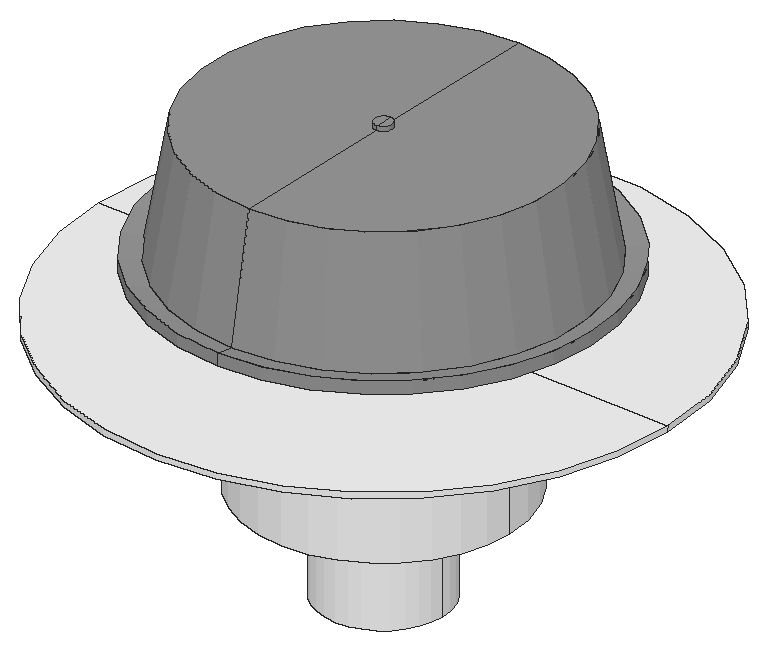
Revit family "HL_RU_Roof drain_HL62PSafe-B-221103", category Sanitärinstallationen, Revit 2020
Family settings
  Bemaßung runder Anschluss = Durchmesser verwenden
  Teiletyp = Normal
  OmniClass-Nummer = 23.70.50.21.24.14
  OmniClass-Titel = Deck Waste Water Drains
  Arbeitsebenenbasiert = Nein
  Immer vertikal = Ja
  Beim Laden mit Abzugskörper schneiden = Nein
  Gemeinsam genutzt = Nein
  Raumberechnungspunkt = Ja
Parameters (values of type "HL_Кровельная воронка_HL62PSafe_7")
  РЕШЁТКА = "Laubfangkorb d 262 mm"
  РАЗМЕР = "DN75"
  ПРОПУСКНАЯ СПОСОБНОСТЬ [instance] = 0.0 L/s
  ПРОИЗВОДИТЕЛЬНОСТЬ = "l/s"
  ПРАВОВАЯ ИНФОРМАЦИЯ = "Авторские права(©), права на дизайн или какие либо другие права интелектуальной собственности являются исключительной собственностью компании HL Hutterer & Lechner. Изменению не подлежит. Файл семейства с данными о прозводителе изделия защищен паролем с водяным знаком."
  НОМИНАЛЬНЫЙ ДИАМЕТР = 75 mm
  МАТЕРИАЛ = "PP/PVC"
  ВЫСОТА МОНТАЖА = "100mm"
  ВЕС = "2,834 [kg]"
  Vorgabe-Ansicht = 0 mm
  Hersteller = "HL Hutterer & Lechner GmbH"  # constant formula
  URL = "http://www.hutterer-lechner.com/ru/products/catalog/roof-drains/HL62PSafe/7.aspx"
  Материал плитка [instance] = none
  Lüftungsverbindung = no
  Abwasserrohrverbindung = yes
  HW-Verbindung = no
  KW-Verbindung = no
  Beschreibung = "Кровельные воронки"
  Model = "HL62PSafe_7"
  Assembly Code = " "
  Typenkommentare = "HL62PSafe/7, Воронка для аварийного водостока DN75 с корпусом из ПВХ, с возможностью регулировки толщины слоя воды"
  Keynote = "HL62PSafe_7"
  Bысота монтажа [instance] = 28 mm  # constant formula
  G [instance] = 180.00°  # constant formula
  EAN = "9003076040391"
  D [instance] = if(НОМИНАЛЬНЫЙ ДИАМЕТР = 75 mm, 58 mm, 60 mm) + Bысота монтажа  # 86 mm
  C [instance] = if(Bысота монтажа - 68 mm < 0 mm, 0 mm, Bысота монтажа - 68 mm)  # 0 mm
  B [instance] = 100 mm  # constant formula
  A [instance] = if(B - 100 mm > 15 mm, B - 100 mm, 15 mm)  # 15 mm
Types (5, lengths in mm): name | РАЗМЕР | НОМИНАЛЬНЫЙ ДИАМЕТР | ВЕС | URL | Model | Typenkommentare | Keynote | EAN | D
  (no name) | "DN75" | 75 | "2,834 [kg]" | "http://www.hutterer-lechner.com/ru/products/catalog/roof-drains/HL62PSafe/7.aspx" | "HL62PSafe_7" | "HL62PSafe/7, Воронка для аварийного водостока DN75 с корпусом из ПВХ, с возможностью регулировки толщины слоя воды" | "HL62PSafe_7" | "9003076040391" | 86
  HL_Кровельная воронка_HL62PSafe_1 | "DN110" | 110 | "2,874 [kg]" | "http://www.hutterer-lechner.com/ru/products/catalog/roof-drains/HL62PSafe/1.aspx" | "HL62PSafe_1" | "HL62PSafe/1, Воронка для аварийного водостока DN110 с корпусом из ПВХ, с возможностью регулировки толщины слоя воды" | "HL62PSafe_1" | "9003076040360" | 88
  HL_Кровельная воронка_HL62PSafe_2 | "DN125" | 125 | "2,814 [kg]" | "http://www.hutterer-lechner.com/ru/products/catalog/roof-drains/HL62PSafe/2.aspx" | "HL62PSafe_2" | "HL62PSafe/2, Воронка для аварийного водостока DN125 с корпусом из ПВХ, с возможностью регулировки толщины слоя воды" | "HL62PSafe_2" | "9003076040377" | 88
  HL_Кровельная воронка_HL62PSafe_5 | "DN160" | 160 | "2,894 [kg]" | "http://www.hutterer-lechner.com/ru/products/catalog/roof-drains/HL62PSafe/5.aspx" | "HL62PSafe_5" | "HL62PSafe/5, Воронка для аварийного водостока DN160 с корпусом из ПВХ, с возможностью регулировки толщины слоя воды" | "HL62PSafe_5" | "9003076040384" | 88
  HL_Кровельная воронка_HL62PSafe_7 | "DN75" | 75 | "2,834 [kg]" | "http://www.hutterer-lechner.com/ru/products/catalog/roof-drains/HL62PSafe/7.aspx" | "HL62PSafe_7" | "HL62PSafe/7, Воронка для аварийного водостока DN75 с корпусом из ПВХ, с возможностью регулировки толщины слоя воды" | "HL62PSafe_7" | "9003076040391" | 86
Reference planes
  plane 1 "Center (Front/Back)": y = 0
  plane 2: z = 0
  plane 3 "Center (Left/Right)": x = 0
  plane 4: z = -100
  plane 5: z = -28
Lines and regions (mm)
  model lines, style "InvisibleLines"
    curve 1: line (0, 0, 0) -> (0, 0, 20)
  model lines, style "PlumbingFixtures", detail levels coarse+medium
    curve 2: line (0, 0, -100) -> (0, 0, -85)
    curve 3: line (0, 0, -85) -> (-85, 0, 0)
    curve 4: line (0, 0, -85) -> (85, 0, 0)
    curve 6: line (0, 0, -100) -> (0, 0, -186)
  reference lines, not visible
    curve 5: line (0, 0, -100) -> (0, 0, -186)
  symbolic lines, style "PlumbingFixtures", detail levels coarse+medium
    curve 7: line (-75, 75, 0) -> (75, 75, 0)
    curve 8: line (-75, -75, 0) -> (-75, 75, 0)
    curve 9: line (75, -75, 0) -> (-75, -75, 0)
    curve 10: line (75, 75, 0) -> (75, -75, 0)
    curve 11: line (-75, 75, 0) -> (-145.711, 145.711, 0)
    curve 12: line (75, 75, 0) -> (145.711, 145.711, 0)
    curve 13: line (-75, -75, 0) -> (-145.711, -145.711, 0)
    curve 14: line (75, -75, 0) -> (145.711, -145.711, 0)
  symbolic lines, style "PlumbingFixtures", not visible, detail levels coarse+medium
    curve 15: line (-75, 75, 0) -> (75, 75, 0)
    curve 16: line (-75, -75, 0) -> (-75, 75, 0)
    curve 17: line (75, -75, 0) -> (-75, -75, 0)
    curve 18: line (75, 75, 0) -> (75, -75, 0)
    curve 19: line (-75, 75, 0) -> (-145.711, 145.711, 0)
    curve 20: line (75, 75, 0) -> (145.711, 145.711, 0)
    curve 21: line (-75, -75, 0) -> (-145.711, -145.711, 0)
    curve 22: line (75, -75, 0) -> (145.711, -145.711, 0)
Text (mm)
  text "FLOOR" at (-162.344, 0, -10.979), in view "Drain Construction View"
Dimensions and locks
  "B": plane 2 to plane 4
  "Bысота монтажа": plane 2 to plane 5
  "A": curve 4 to plane 4
  "D": curve 5 to curve 5
  "D": curve 6 to curve 6
  locked: curve 4 to plane 3 "Center (Left/Right)" (angle 45.00°)
  locked: plane 3 "Center (Left/Right)" to curve 3 (angle 45.00°)
  "G": angle curve 5 to plane 3 "Center (Left/Right)"
  aligned and locked: level to plane 2
  aligned and locked: plane 2 to curve 4
  aligned and locked: plane 2 to curve 3
  aligned and locked: plane 4 to curve 5
  aligned and locked: plane 3 "Center (Left/Right)" to curve 5
  aligned and locked: plane 4 to curve 2
  aligned and locked: curve 6 to plane 3 "Center (Left/Right)"
  aligned and locked: curve 6 to plane 4
  aligned and locked: nested 1 to plane 5
  aligned and locked: plane 3 "Center (Left/Right)" to nested 1
  aligned and locked: nested 2 to plane 2
  aligned and locked: plane 3 "Center (Left/Right)" to nested 2
Automatic sketch dimensions
  curve 2 to plane 3 "Center (Left/Right)" = 0 mm
  curve 1 to plane 3 "Center (Left/Right)" = 0 mm
  curve 1 to level = 0 mm
  level to curve 1 = 20 mm
Nested families
  nested 1: "HL_кровельные воронки - корпус_HL62P" at (0, 0, -28), НОМИНАЛЬНЫЙ ДИАМЕТР <- "НОМИНАЛЬНЫЙ ДИАМЕТР", type "HL_кровельные воронки - корпус_HL62P"
    with НОМИНАЛЬНЫЙ ДИАМЕТР 75 mm, L 62 mm
  nested 2: "HL_Вспомогательные материалы-Противопожарная защита_HL062.1Safe" at (0, 0, 0), Bысота монтажа <- "Bысота монтажа", type "HL_Вспомогательные материалы-Противопожарная защита_HL062.1Safe"
    with Пропускная способность 0.0 L/s, L 58 mm, IHmin 28 mm, IHmax 68 mm, Bысота монтажа 28 mm
Connectors
  piping at (0, 0, -186), diameter 75, driven by "ПРОПУСКНАЯ СПОСОБНОСТЬ", driven by "НОМИНАЛЬНЫЙ ДИАМЕТР"
    settings: on curve 5, index 1, connector inside diameter 609.6 mm, connector length 0 mm, flow factor 0, pipe flow 0.0 L/s, pressure drop 0.0 Pa, fitting loss kfactor 0, connector angle 0.00°, fixture units 0, engagement length 0 mm, angle of deflection 0.00°, flow configuration 1, flow direction 2, fitting loss method 0, system type 16, joint type 0, gender type 0, connector reference index -1, connector utility 0, adjustable connector yes, is connector primary yes, connector description ""
Definition of nested family "HL_кровельные воронки - корпус_HL62P"
  Parameters (values of type "HL_кровельные воронки - корпус_HL62P")
    НОМИНАЛЬНЫЙ ДИАМЕТР [instance] = 110 mm
    Default Elevation = 0 mm
    Manufacturer = ""
    URL = ""
    Description = ""
    Model = ""
    L [instance] = if(НОМИНАЛЬНЫЙ ДИАМЕТР = 75 mm, 62 mm, 64 mm)  # 64 mm
    Type Comments = ""
    Cost = 0
  Reference planes
    plane 1 "Střed (vpředu/vzadu)": y = 0
    plane 2: z = 0
    plane 3 "Střed (vlevo/vpravo)": x = 0
    plane 4: z = -96
  Forms (mm)
    Revolve 1, solid, detail levels fine
      sketch origin (0, 0, 0) x (1, 0, 0) y (0, 0, 1)
        loop
          line (-180, -3.5) -> (-82.249, -3.5) -> (-82.249, -17.614) -> (-80.086, -21.361) -> (-80.086, -96) -> (0, -96) -> (0, -32.798) -> (-64.677, -32.798) -> (-66.635, -30.2) -> (-74.72, -30.2) -> (-74.72, -23.557) -> (-78.967, -16.49) -> (-78.967, 0) -> (-180, 0) -> (-180, -3.5)
        axis (0, 0) -> (0, -96)
      angle from 0 to 360
    Extrusion 2, solid, detail levels fine
      sketch origin (-80.086, -1524, -96) x (-1, 0, 0) y (0, -1, 0)
        loop
          circle (-80.086, -1524) r 55
      from 0 to -64
  Dimensions and locks
    "L": plane 4 to Extrusion 2
    "НОМИНАЛЬНЫЙ ДИАМЕТР": diameter of Extrusion 2 sketch curve
    aligned and locked: level to plane 2
  Automatic sketch dimensions
    Revolve 1 sketch curve to level = 0 mm
    Revolve 1 sketch curve to plane 3 "Střed (vlevo/vpravo)" = 0 mm  (x2)
    Revolve 1 sketch curve to plane 3 "Střed (vlevo/vpravo)" = 64.677 mm
    Revolve 1 sketch curve to level = 30.2 mm
    Revolve 1 sketch curve to Revolve 1 sketch curve = 1.958 mm
    Revolve 1 sketch curve to level = 23.557 mm
    Revolve 1 sketch curve to Revolve 1 sketch curve = 8.085 mm
    Revolve 1 sketch curve to Revolve 1 sketch curve = 4.247 mm
    Revolve 1 sketch curve to Revolve 1 sketch curve = 1.12 mm
    Revolve 1 sketch curve to Revolve 1 sketch curve = 3.283 mm
    Revolve 1 sketch curve to level = 3.5 mm
    Revolve 1 sketch curve to Revolve 1 sketch curve = 97.751 mm
    Revolve 1 sketch curve to Revolve 1 sketch curve = 2.599 mm
    Revolve 1 sketch curve to Revolve 1 sketch curve = 63.201 mm
    Revolve 1 sketch curve to Revolve 1 sketch curve = 2.197 mm
    Revolve 1 sketch curve to Revolve 1 sketch curve = 3.747 mm
    Revolve 1 sketch curve to Revolve 1 sketch curve = 1.124 mm
    level to Revolve 1 sketch curve = 45 mm
    Revolve 1 sketch curve to Revolve 1 sketch curve = 80 mm
    plane 1 "Střed (vpředu/vzadu)" to Extrusion 2 sketch curve = 0 mm
    Extrusion 2 sketch curve to plane 3 "Střed (vlevo/vpravo)" = 0 mm
Definition of nested family "HL_Вспомогательные материалы-Противопожарная защита_HL062.1Safe"
  Parameters (values of type "HL_Вспомогательные материалы-Противопожарная защита_HL062.1Safe")
    РЕШЁТКА = "Laubfangkorb d 262 mm"
    ПРАВОВАЯ ИНФОРМАЦИЯ = "Авторские права(©), права на дизайн или какие либо другие права интелектуальной собственности являются исключительной собственностью компании HL Hutterer & Lechner. Изменению не подлежит. Файл семейства с данными о прозводителе изделия защищен паролем с водяным знаком."
    МАТЕРИАЛ = "PP"
    ВЕС = "1,25 [kg]"
    Default Elevation = 0 mm
    Manufacturer = "HL Hutterer & Lechner GmbH"
    URL = "http://www.hutterer-lechner.com/ru/products/catalog/roof-drains/HL062.1Safe.aspx"
    Материал плитка = none
    Description = "Кровельные воронки"
    Model = "HL062.1Safe"
    L [instance] = if(Bысота монтажа < IHmin, -100 mm, if(Bысота монтажа > IHmax, -100 mm, Bысота монтажа + 30 mm))  # 58 mm
    Type Comments = "HL062.1Safe, Вставка в воронку для аварийного водоотведения"
    Keynote = "HL062.1Safe"
    Bысота монтажа [instance] = 28 mm
    IHmin [instance] = 28 mm
    IHmax [instance] = 68 mm
    Пропускная способность [instance] = 0.0 L/s
    EAN = "9003076040605"
    Cost = 0
  Reference planes
    plane 1 "Střed (vpředu/vzadu)": y = 0
    plane 2: z = 0
    plane 3 "Střed (vlevo/vpravo)": x = 0
  Forms (mm)
    Revolve 1, solid, detail levels fine
      sketch origin (0, 0, 0) x (0, 1, 0) y (0, 0, 1)
        loop
          line (0, 81.1) -> (-5.25, 81.1) -> (-5.25, 78.5) -> (-106.614, 78.5) -> (-119.486, 5.5) -> (-101.611, 5.5) -> (-90.568, 68.124) -> (0, 68.124) -> (0, 81.1)
        axis (0, 81.1) -> (0, 5.5)
      angle from 0 to 360
    Extrusion 2, solid, detail levels fine
      sketch origin (0, 0, 68.124) x (-1, 0, 0) y (0, 1, 0)
        loop
          circle (-50, 0) r 11.945
      from 0 to 82.224
    Extrusion 3, solid, detail levels fine
      sketch origin (-100, 0, 68.124) x (-1, 0, 0) y (0, 1, 0)
        loop
          circle (-50, 0) r 11.945
      from 0 to 82.224
    Revolve 4, solid, detail levels fine
      sketch origin (0, 0, 0) x (0, 1, 0) y (0, 0, 1)
        loop
          line (-130.983, 7.735) -> (-130.983, 0) -> (-69.061, 0) -> (-64.445, -4.616) -> (-64.445, -65.123) -> (-63.068, -66.5) -> (-58.068, -66.5) -> (-58.068, -4.58) -> (-68.148, 5.5) -> (-119.486, 5.5) -> (-130.983, 7.735)
        axis (0, 7.735) -> (0, -66.5)
      angle from 0 to 360
    Revolve 5, solid, detail levels fine
      sketch origin (0, 69.895, -58) x (0, -1, 0) y (0, 0, -1)
        loop
          line (149.29, -29.5) -> (149.29, -9.5) -> (139.79, 0) -> (134.34, 0) -> (134.34, -44) -> (138.069, -44) -> (138.069, -29.5) -> (149.29, -29.5)
        axis (69.895, -44) -> (69.895, 0)
      angle from 0 to 360
  Lines and regions (mm)
    reference lines
      curve 1: line (0, 69.895, -58) -> (0, -190.105, -58)
  Dimensions and locks
    "L": curve 1 to plane 2
    aligned and locked: level to plane 2
  Automatic sketch dimensions
    Revolve 1 sketch curve to plane 1 "Střed (vpředu/vzadu)" = 0 mm  (x2)
    plane 1 "Střed (vpředu/vzadu)" to Revolve 1 sketch curve = 5.25 mm
    Revolve 1 sketch curve to Revolve 1 sketch curve = 85.318 mm
    level to Revolve 1 sketch curve = 5.5 mm
    Revolve 1 sketch curve to Revolve 1 sketch curve = 11.042 mm
    Revolve 1 sketch curve to Revolve 1 sketch curve = 16.046 mm
    Revolve 1 sketch curve to Revolve 1 sketch curve = 17.876 mm
    Revolve 1 sketch curve to Revolve 1 sketch curve = 62.624 mm
    Revolve 1 sketch curve to Revolve 1 sketch curve = 10.376 mm
    Revolve 1 sketch curve to Revolve 1 sketch curve = 2.6 mm
    Revolve 1 sketch curve to Revolve 1 sketch curve = 40 mm
    Revolve 1 sketch curve to Revolve 1 sketch curve = 25 mm
    Extrusion 2 sketch curve to Revolve 1 = 50 mm
    Revolve 1 to Extrusion 3 sketch curve = 50 mm
    level to Revolve 4 sketch curve = 0 mm
    Revolve 4 sketch curve to plane 1 "Střed (vpředu/vzadu)" = 0 mm
    plane 1 "Střed (vpředu/vzadu)" to Revolve 4 sketch curve = 58.068 mm
    Revolve 4 sketch curve to Revolve 4 sketch curve = 5 mm
    Revolve 4 sketch curve to Revolve 4 sketch curve = 1.377 mm  (x2)
    Revolve 4 sketch curve to Revolve 4 sketch curve = 3.703 mm
    Revolve 4 sketch curve to Revolve 4 sketch curve = 0.913 mm
    level to Revolve 4 sketch curve = 5.5 mm
    Revolve 4 sketch curve to Revolve 4 sketch curve = 50.425 mm
    Revolve 4 sketch curve to Revolve 4 sketch curve = 11.497 mm
    Revolve 4 sketch curve to level = 4.58 mm
    Revolve 4 sketch curve to level = 4.616 mm
    Revolve 4 sketch curve to Revolve 4 sketch curve = 60.507 mm
    level to Revolve 4 sketch curve = 7.735 mm
    Revolve 4 sketch curve to Revolve 4 sketch curve = 10 mm
    Revolve 4 sketch curve to Revolve 4 sketch curve = 35 mm
    Revolve 5 sketch curve to curve 1 = 0 mm
    curve 1 to Revolve 5 sketch curve = 44 mm
    Revolve 5 sketch curve to curve 1 = 125.66 mm
    Revolve 5 sketch curve to Revolve 5 sketch curve = 3.729 mm
    Revolve 5 sketch curve to Revolve 5 sketch curve = 5.45 mm
    Revolve 5 sketch curve to Revolve 5 sketch curve = 11.221 mm
    Revolve 5 sketch curve to Revolve 5 sketch curve = 14.5 mm
    curve 1 to Revolve 5 sketch curve = 9.5 mm
    curve 1 to Revolve 5 sketch curve = 69.895 mm
    Revolve 5 sketch curve to curve 1 = 15 mm
    Revolve 5 sketch curve to Revolve 5 sketch curve = 40 mm
    plane 1 "Střed (vpředu/vzadu)" to curve 1 = 190.105 mm
    curve 1 to plane 1 "Střed (vpředu/vzadu)" = 69.895 mm
    radius of Extrusion 2 sketch curve = 11.945 mm
    radius of Extrusion 3 sketch curve = 11.945 mm
